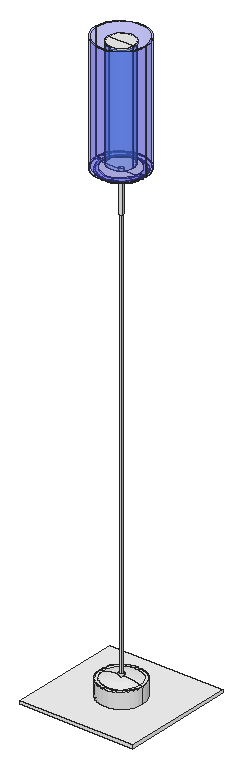
Revit family "BE_56608.1_de_DE", category Leuchten, Revit 2015
Parameters (values of type "BEGA_56608.1_K4")
  built-in parameter 1150104 = 12.653 (stored number, unit not read)
  Wattage = 28.2 W
  Default Elevation = 0 mm
  built-in parameter 1150113 = 1 (stored number, unit not read)
  built-in parameter 1114218 = 1 (stored number, unit not read)
  Umgebungstemperatur = "25 °C"
  URL = "http://www.bega.de/produkt/56608.1"
  Typenkommentare = "© 2017 BEGA. Wir behalten uns das Recht vor, technische Änderungen ohne vorherige Ankündigung vorzunehmen."  # constant formula
  built-in parameter 1150134 = 12
  built-in parameter 1150109 = 1 (stored number, unit not read)
  Strom = ""
  built-in parameter 1150110 = 1 (stored number, unit not read)
  Spannung = 239.996 V
  Sonderanfertigung = no
  Seriennummer [instance] = "Hier können Sie die eindeutige Seriennummer für das Facility Management eintragen."
  Schutzklasse = "I"
  Schutzart = "IP 20"
  Scheinlast = 0 VA
  Produktdatenblatt = "http://www.bega.de/download/Xrfa/db/56608.1.db.de.pdf"
  Oberflächentemperatur = ""
  Neigungswinkel = 0.00°
  Modell = "56608.1K4"
  Material_17 = BEGA_Reflektor
  Material_15 = BEGA_Leuchtmedium_matt
  Material_13 = BEGA_Kunststoff_matt
  Material_11 = BEGA_Glas_opal
  Material_09 = BEGA_Glas_klar
  Material_08 = BEGA_Oberfläche_Stahl_verzinkt
  Material_06 = BEGA_Oberfläche_Edelstahl_gebürstet
  Material_05 = BEGA_Oberfläche_Aluminium Guss
  Material_03 = BEGA_Oberfläche_Weiss_matt
  Material_02 = BEGA_Oberfläche_Silber_matt
  Material_01 [instance] = BEGA_Oberfläche_Grafit_matt
  M_W = no
  M_G = no
  M_A = no
  Logo = 0
  built-in parameter 1114217 = 1 (stored number, unit not read)
  built-in parameter 1150139 = (empty or 0)
  built-in parameter 1150105 = 305.64 (stored number, unit not read)
  built-in parameter 1150114 = 1 (stored number, unit not read)
  Lumens = 3840.84 lm
  built-in parameter 1150115 = 1 (stored number, unit not read)
  Leuchtenlichtstrom = "2919 lm"
  Leuchtenanzahl = ""
  Lebensdauerkriterien = "L70B50 @ 25 °C = 175000 h"
  Lastklassifizierung = Beleuchtung
  built-in parameter 1150112 = 1 (stored number, unit not read)
  Lampenlichtstrom = "3840 lm"
  Lampe = "LED 28.2 W"
  LED_Modulbezeichnung = "6x LED-0611/940 "
  Hersteller = "BEGA"  # constant formula
  Halbstreuwinkel = ""
  Gewicht = "4.2 kg"
  Gebrauchslageneinschränkung [instance] = ""
  Frequenz = "0/50-60 Hz"
  Farbwiedergabeindex = "Ra > 90"
  Farbtemperaturverschiebung bei Dämpfen der Lampe = <Keine Auswahl>
  Farbtemperatur = "4000 K"
  Color Filter = 16777215
  built-in parameter 1150133 = 10 (stored number, unit not read)
  Energieeffizienzklasse = "LED A++ - A"
  built-in parameter 1150137 = (empty or 0)
  built-in parameter 1150132 = (empty or 0)
  ENEC = "ja"
  Dimmbar [instance] = "DALI"
  Datei für fotometrisches Netz = "BE_56608K4.IES"
  CE_Konformität = "ja"
  Bestellnummer = "56608.1K4"
  Beschreibung_Sonderanfertigung = "Hier können Sie Informationen zur Sonderanfertigung eintragen."
  Beschreibung = "Pendelleuchte"
  built-in parameter 1150106 = 3.0564 (stored number, unit not read)
  Befestigungsbohrung = "Ø 4,5 mm"
  Befestigungsabstand = "136 mm"
  Ballwurfsicher = ""
  BEGA_Intern_aus = yes
  BEGA_Intern_an = yes
  BEGA_Intern_Konstruktion = yes
  BEGA_Intern = yes
  BEGA_IES = yes
  BEGA_Dummy = no
  Anschlussleitung = ""
  Anschlussleistung [instance] = "33 W"
  Anschlusskasten = ""
  built-in parameter 1150107 = 4000 (stored number, unit not read)
  built-in parameter 1150102 = (empty or 0)
  built-in parameter 1150138 = (empty or 0)
  Aktualisierung = "2017-09-29T04:10:01"
  Abstand_zur_angestrahlten_Fläche [instance] = ""
  AC/DC = "AC/DC"
Types (2, lengths in mm): name | built-in parameter 1150104 | built-in parameter 1150134 | Modell | built-in parameter 1150105 | Lumens | Leuchtenlichtstrom | Lampenlichtstrom | LED_Modulbezeichnung | Farbtemperatur | Datei für fotometrisches Netz | Bestellnummer | built-in parameter 1150106 | built-in parameter 1150107
  BEGA_56608.1_K4 | 12.653 (stored number, unit not read) | 12 | "56608.1K4" | 305.64 (stored number, unit not read) | 3840.84 lm | "2919 lm" | "3840 lm" | "6x LED-0611/940 " | "4000 K" | "BE_56608K4.IES" | "56608.1K4" | 3.0564 (stored number, unit not read) | 4000 (stored number, unit not read)
  BEGA_56608.1_K3 | 12.161 (stored number, unit not read) | (empty or 0) | "56608.1" | 293.75 (stored number, unit not read) | 3691.38 lm | "2805 lm" | "3690 lm" | "6x LED-0611/930 " | "3000 K" | "BE_56608.IES" | "56608.1" | 2.9375 (stored number, unit not read) | 3000 (stored number, unit not read)
Reference planes
  plane 1 "Mitte (Vorne/Hinten)": y = 0
  plane 2: z = 0
  plane 3 "Mitte (Links/Rechts)": x = 0
  plane 4 "Links": x = -90.75
  plane 5 "Rechts": x = 90.75
  plane 6 "Unten": y = -90.75
  plane 7 "Oben": y = 90.75
  plane 8 "Vorne": z = 2100
  plane 9 "Hinten": z = 0
Forms (mm)
  Extrusion 1, solid, material "BEGA_Platte_Weiss"
    sketch origin (0, -1119.2, 0) x (1, 0, 0) y (0, 1, 0)
      loop
        line (-200, 1319.2) -> (-200, 919.2) -> (200, 919.2) -> (200, 1319.2) -> (-200, 1319.2)
    from 0 to -10
  Extrusion 2, solid, material "BEGA_Dummy_matt", visible <- "BEGA_Dummy"
    sketch origin (77.149, -76.023, 0) x (1, 0, 0) y (0, 1, 0)
      loop
        circle (-77.149, 76.023) r 90.75
    from 0 to 2100
Dimensions and locks
  plane 1 "Mitte (Vorne/Hinten)" to Extrusion 1 = 200 mm
  aligned and locked: plane 2 to Extrusion 1
  aligned and locked: level to Extrusion 1
Nested families
  nested 1: "BE_56608.1" at (0, 0, 0), type "BE_56608.1"
Connectors
  electrical at (0, 0, 0), driven by "Lastklassifizierung", driven by "Spannung", driven by "Scheinlast"
    settings: index 1, voltage 239.996 V, apparent load 0 VA, apparent load phase1 0 VA, apparent load phase2 0 VA, apparent load phase3 0 VA, power factor 1, load classification "Beleuchtung", number of poles 1, system type 31, power factor state 1, is connector primary yes, connector utility no, sub classification motor no, connector description ""
Definition of nested family "BE_56608.1"
  Parameters (values of type "BE_56608.1")
    Default Elevation = 1 mm
    URL = "http://www.bega.de/de/produkt"
    Type Comments = "© 2015 BEGA. Wir behalten uns das Recht vor, technische Änderungen ohne vorherige Ankündigung vorzunehmen. "  # constant formula
    Type Image = (empty or 0)
    Neigungswinkel_um_Z2 = 0.00°
    Neigungswinkel_um_Z1 = 0.00°
    Neigungswinkel_um_Y2 = 0.00°
    Neigungswinkel_um_Y1 = 0.00°
    Neigungswinkel_um_X2 = 0.00°
    Neigungswinkel_um_X1 = 0.00°
    Material_17 = none
    Material_15 = none
    Material_13 = none
    Material_11 = none
    Material_09 = none
    Material_08 = none
    Material_06 = none
    Material_05 = none
    Material_03 = none
    Material_02 = none
    Material_01 = none
    M_W = yes
    M_G = yes
    M_A = yes
    Länge_Platte = 300 mm  # constant formula
    Höhe_Platte = -10 mm  # constant formula
    Manufacturer = "BEGA"  # constant formula
    Drehwinkel_um_Z2 = 0.00°
    Drehwinkel_um_Z1 = 0.00°
    Breite_Platte = 300 mm  # constant formula
  Reference planes
    plane 1 "Mitte (Oben/Unten)": y = 0
    plane 2: z = 0
    plane 3 "Mitte (Links/Rechts)": x = 0
    plane 4: x = -90.75
    plane 5: x = 90.75
    plane 6: z = 2100
    plane 7: y = -90.75
    plane 8: y = 90.75
  Forms (mm)
    Extrusion 1, solid, detail levels medium
      sketch origin (0, 0, 0) x (1, 0, 0) y (0, 1, 0)
        loop
          line (-150, 150) -> (-150, -150) -> (150, -150) -> (150, 150) -> (-150, 150)
      from 0 to -10 <- "Höhe_Platte"
    Revolve 2, solid, material <- "Material_03", detail levels medium+fine
      sketch origin (0, 0, 0) x (1, 0, 0) y (0, 0, 1)
        loop
          line (-73.5, 0) -> (-73.5, 7.5) -> (0, 7.5) -> (0, 9) -> (-73.3, 9)
          arc (-73.3, 9) -> (-74.498, 8.507) -> (-75, 7.313) r 1.7
          line (-75, 7.313) -> (-75, 0) -> (-73.5, 0)
        axis (0, 9) -> (0, 0)
      angle from 0 to 360
    Extrusion 3, void
      sketch origin (0, 0, 0) x (1, 0, 0) y (0, 1, 0)
        loop
          circle (25, -55) r 6
        loop
          circle (-25, -55) r 6
        loop
          circle (25, 55) r 6
        loop
          circle (-25, 55) r 6
        loop
          circle (-68, 0) r 2.25
        loop
          circle (68, 0) r 2.25
      from 6.119 to 9.5
    Revolve 4, solid, material <- "Material_03", detail levels medium+fine
      sketch origin (0, 0, 0) x (1, 0, 0) y (0, 0, 1)
        loop
          line (-77, 55) -> (-77, 0) -> (-75.5, 0) -> (-75.5, 54) -> (-65, 54)
          arc (-65, 54) -> (-32.859, 61.249) -> (0, 63.683) r 223
          line (0, 63.683) -> (0, 72.62) -> (-8.5, 72.62) -> (-8.5, 65.523)
          arc (-8.5, 65.523) -> (-37.205, 62.586) -> (-65.297, 56) r 225
          line (-65.297, 56) -> (-76, 56)
          arc (-76, 56) -> (-76.707, 55.707) -> (-77, 55) r 1
        axis (0, 72.62) -> (0, 0)
      angle from 0 to 360
    Revolve 5, solid, material <- "Material_03", detail levels medium+fine
      sketch origin (0, 0, 0) x (1, 0, 0) y (0, 0, 1)
        loop
          line (-3.15, 69.497) -> (0, 69.497) -> (0, 1681) -> (-6.5, 1681) -> (-6.5, 1675.5) -> (-75, 1675.5) -> (-75, 1679.5) -> (-76, 1679.5) -> (-76, 1675.5)
          arc (-76, 1675.5) -> (-75.707, 1674.793) -> (-75, 1674.5) r 1
          line (-75, 1674.5) -> (-6.5, 1674.5) -> (-6.5, 1536) -> (-3.15, 1536) -> (-3.15, 69.497)
        axis (0, 1681) -> (0, 69.497)
      angle from 0 to 360
    Revolve 6, solid, material <- "Material_11", detail levels medium+fine
      sketch origin (0, 0, 0) x (1, 0, 0) y (0, 0, 1)
        loop
          line (-90.75, 2100) -> (-90.75, 1683)
          arc (-90.75, 1683) -> (-89.871, 1680.879) -> (-87.75, 1680) r 3
          line (-87.75, 1680) -> (-63.37, 1680) -> (-63.37, 1685) -> (-85.585, 1685) -> (-85.585, 2100) -> (-90.75, 2100)
        axis (0, 1680) -> (0, 2100)
      angle from 0 to 360
    Revolve 7, solid, material <- "Material_03", detail levels medium+fine
      sketch origin (0, 0, 0) x (1, 0, 0) y (0, 0, 1)
        loop
          line (-46.5, 2085.008) -> (-46.5, 2081.999) -> (0, 2081.999) -> (0, 2085.008) -> (-46.5, 2085.008)
        axis (0, 2081.999) -> (0, 2085.008)
      angle from 0 to 360
    Revolve 8, solid, material <- "Material_13", detail levels medium+fine
      sketch origin (0, 0, 0) x (1, 0, 0) y (0, 0, 1)
        loop
          line (-45, 2083.39) -> (-45, 1693.395) -> (-42, 1693.395) -> (-42, 2083.39) -> (-45, 2083.39)
        axis (0, 1693.395) -> (0, 2083.39)
      angle from 0 to 360
  Cuts and joins
    Extrusion 3 cuts Revolve 2
    joined: Revolve 2, Revolve 4, Revolve 5
  Dimensions and locks
    equal spacing: Extrusion 1 sketch curve, plane 3 "Mitte (Links/Rechts)", Extrusion 1 sketch curve
    equal spacing: Extrusion 1 sketch curve, plane 1 "Mitte (Oben/Unten)", Extrusion 1 sketch curve
    "Länge_Platte": Extrusion 1 sketch curve to Extrusion 1 sketch curve
    "Breite_Platte": Extrusion 1 sketch curve to Extrusion 1 sketch curve
    aligned and locked: plane 2 to Extrusion 1
    aligned and locked: level to Extrusion 1
  Automatic sketch dimensions
    Revolve 2 sketch curve to level = 0 mm
    Revolve 2 sketch curve to plane 3 "Mitte (Links/Rechts)" = 0 mm  (x2)
    level to Revolve 2 sketch curve = 7.3 mm
    Revolve 2 sketch curve to Revolve 2 sketch curve = 1.5 mm  (x2)
    Revolve 2 sketch curve to Revolve 2 sketch curve = 0.013 mm
    Revolve 2 sketch curve to Revolve 2 sketch curve = 0.2 mm  (x3)
    Revolve 2 sketch curve to Revolve 2 sketch curve = 0 mm  (x2)
    Revolve 2 sketch curve to Revolve 2 sketch curve = 3.5 mm
    Revolve 4 sketch curve to Revolve 4 sketch curve = 0 mm  (x2)
    Revolve 4 sketch curve to level = 0 mm
    Revolve 4 sketch curve to plane 3 "Mitte (Links/Rechts)" = 0 mm  (x2)
    Revolve 4 sketch curve to Revolve 4 sketch curve = 0.297 mm
    Revolve 4 sketch curve to Revolve 4 sketch curve = 0.5 mm
    Revolve 4 sketch curve to Revolve 4 sketch curve = 1 mm  (x2)
    plane 3 "Mitte (Links/Rechts)" to Revolve 4 sketch curve = 0 mm
    Revolve 4 sketch curve to Revolve 4 sketch curve = 0.821 mm
    Revolve 4 sketch curve to Revolve 4 sketch curve = 3.953 mm
    Revolve 4 sketch curve to Revolve 4 sketch curve = 7.097 mm
    Revolve 4 sketch curve to Revolve 4 sketch curve = 10.203 mm
    Revolve 4 sketch curve to plane 3 "Mitte (Links/Rechts)" = 8.5 mm
    Revolve 7 sketch curve to plane 3 "Mitte (Links/Rechts)" = 0 mm  (x2)
    Revolve 7 sketch curve to Revolve 7 sketch curve = 46.5 mm
    Revolve 7 sketch curve to Revolve 7 sketch curve = 3.009 mm
    Revolve 7 sketch curve to Revolve 7 sketch curve = 105.501 mm
    Revolve 7 sketch curve to Revolve 7 sketch curve = 116.992 mm
    Revolve 8 sketch curve to plane 3 "Mitte (Links/Rechts)" = 0 mm
    Revolve 8 sketch curve to plane 3 "Mitte (Links/Rechts)" = 42 mm
    Revolve 8 sketch curve to Revolve 8 sketch curve = 3 mm
    Revolve 8 sketch curve to Revolve 8 sketch curve = 389.995 mm
    Revolve 8 sketch curve to Revolve 8 sketch curve = 26.877 mm
    Revolve 8 sketch curve to Revolve 8 sketch curve = 30 mm
    Revolve 4 sketch curve to level = 159.317 mm
    level to Revolve 4 sketch curve = 54 mm
    level to Revolve 7 sketch curve = 2081.999 mm
    level to Revolve 8 sketch curve = 1693.395 mm
    Revolve 2 sketch curve to plane 3 "Mitte (Links/Rechts)" = 73.3 mm
    Revolve 4 sketch curve to Revolve 4 sketch curve = 56.5 mm
    plane 1 "Mitte (Oben/Unten)" to Extrusion 3 sketch curve = 0 mm  (x2)
    Extrusion 3 sketch curve to plane 3 "Mitte (Links/Rechts)" = 25 mm  (x2)
    plane 3 "Mitte (Links/Rechts)" to Extrusion 3 sketch curve = 25 mm  (x2)
    Extrusion 3 sketch curve to Extrusion 3 sketch curve = 0 mm  (x2)
    Revolve 5 sketch curve to plane 3 "Mitte (Links/Rechts)" = 0 mm  (x2)
    Revolve 5 sketch curve to plane 3 "Mitte (Links/Rechts)" = 3.15 mm
    Revolve 5 sketch curve to plane 3 "Mitte (Links/Rechts)" = 6.5 mm
    Revolve 5 sketch curve to Revolve 5 sketch curve = 3.35 mm
    Revolve 5 sketch curve to Revolve 5 sketch curve = 0 mm  (x2)
    Revolve 5 sketch curve to Revolve 5 sketch curve = 1 mm
    level to Revolve 5 sketch curve = 69.497 mm
    Revolve 5 sketch curve to Revolve 5 sketch curve = 138.5 mm
    Revolve 5 sketch curve to Revolve 5 sketch curve = 4 mm
    Revolve 5 sketch curve to Revolve 5 sketch curve = 5.5 mm
    Revolve 5 sketch curve to Revolve 5 sketch curve = 28 mm
    Revolve 5 sketch curve to Revolve 5 sketch curve = 20.5 mm
    Revolve 6 sketch curve to plane 3 "Mitte (Links/Rechts)" = 0 mm
    Revolve 6 sketch curve to Revolve 6 sketch curve = 22.215 mm
    Revolve 6 sketch curve to Revolve 6 sketch curve = 2.165 mm
    Revolve 6 sketch curve to Revolve 6 sketch curve = 5.165 mm
    Revolve 6 sketch curve to Revolve 6 sketch curve = 3 mm
    Revolve 6 sketch curve to Revolve 6 sketch curve = 2 mm
    Revolve 6 sketch curve to Revolve 6 sketch curve = 0 mm  (x3)
    Revolve 6 sketch curve to Revolve 6 sketch curve = 55 mm
    Revolve 6 sketch curve to Revolve 6 sketch curve = 20 mm
    plane 3 "Mitte (Links/Rechts)" to Extrusion 3 sketch curve = 68 mm
    Extrusion 3 sketch curve to plane 3 "Mitte (Links/Rechts)" = 68 mm
    Revolve 5 sketch curve to Revolve 5 sketch curve = 68.5 mm
    Revolve 6 sketch curve to plane 3 "Mitte (Links/Rechts)" = 63.37 mm
    Revolve 5 sketch curve to plane 6 = 564 mm
    Revolve 6 sketch curve to plane 6 = 0 mm
    Revolve 6 sketch curve to plane 6 = 415 mm
    Extrusion 3 sketch curve to plane 1 "Mitte (Oben/Unten)" = 55 mm
    plane 1 "Mitte (Oben/Unten)" to Extrusion 3 sketch curve = 55 mm
    radius of Extrusion 3 sketch curve = 6 mm  (x4)
    radius of Extrusion 3 sketch curve = 2.25 mm  (x2)
